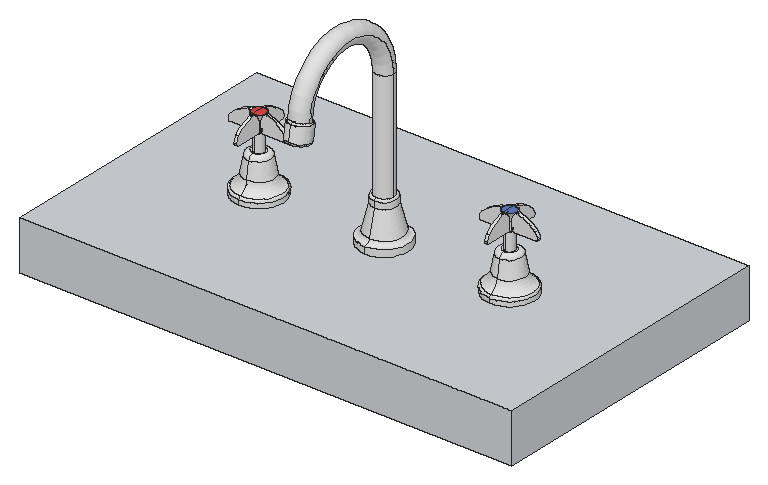
Revit family
Parameters (values of type "49910 (Jumper Valve)")
  WELSRating_ANZRS = "5 star"
  URL = "www.galvinengineering.com.au"
  Type Comments = "Vendal Resistant"
  StyleOrType_ANZRS = "Plumbing Fixture"
  Seating = "Jumper Valve"
  PlumbingMaterial_ANZRS = Metal_Taps_DR-Brass-with-Chrome-Finish_10800
  Outlet = "Fixed Gooseneck Spout with Aerator"
  ModifiedIssue_ANZRS = 20120629.01  # constant formula
  Model = "49910"
  Manufacturer = "Galvin Engineering"
  Keynote = "15400"
  Instructions = "http://www.galvinengineering.com.au/Installation_Guides_1.aspx"
  Inlet = "15mm BSP"
  FlowRate = 0.10 L/s
  FilterObject_ANZRS = "Vendal Resistant"
  DimWidth = 255 mm  # constant formula
  DimInletRadius = 7.5 mm  # constant formula
  DimHeight = 220 mm  # constant formula
  DimDepth = 110 mm  # constant formula
  Description = "Vandal Resistant DPW Basin Set - Jumper Valve"
  Default Elevation = 900 mm
  CreatedBy_ANZRS = "Galvin Engineering"  # constant formula
  CreatedByURL_ANZRS = "www.galvinengineering.com.au"
  CreatedByPhoneNo_ANZRS = "61-8-92495900"  # constant formula
  Assembly Code = "D2010"
Reference planes
  plane 1 "Back": y = 0
  plane 2 "Face": z = 0
  plane 3 "Center (Left/Right)": x = 0
  plane 4 "Left": x = -127.5
  plane 5 "Right": x = 127.5
  plane 6 "Top": z = 220
  plane 7 "Front": y = -110
  plane 8: z = 140
Forms (mm)
  Extrusion 1, solid
    sketch origin (0, -719.2, 0) x (1, 0, 0) y (0, 1, 0)
      loop
        line (-250, 869.2) -> (-250, 569.2) -> (250, 569.2) -> (250, 869.2) -> (-250, 869.2)
    from 0 to -50
  Revolve 2, solid, material "Metal_Taps_DR-Brass-with-Chrome-Finish_10800" <- "PlumbingMaterial_ANZRS"
    sketch origin (-127.5, 0, 0) x (0, 1, 0) y (0, 0, 1)
      loop
        line (0, 74.436) -> (-7.407, 74.436)
        arc (-7.407, 74.436) -> (-3.989, 70.707) -> (-2.75, 65.802) r 10.333
        line (-2.75, 65.802) -> (-2.75, 56.036) -> (-4.919, 56.036) -> (-4.919, 39) -> (-7.33, 39)
        arc (-7.33, 39) -> (-10.552, 37.823) -> (-12.258, 34.846) r 5
        line (-12.258, 34.846) -> (-15.129, 18.129)
        arc (-15.129, 18.129) -> (-17.907, 11.675) -> (-23.319, 7.195) r 15
        arc (-23.319, 7.195) -> (-24.545, 6.088) -> (-25, 4.5) r 3
        line (-25, 4.5) -> (-25, 0) -> (0, 0) -> (0, 74.436)
      axis (0, 0) -> (0, 74.436)
    angle from 0 to 360
  Extrusion 3, solid, material "Metal_Taps_DR-Brass-with-Chrome-Finish_10800" <- "PlumbingMaterial_ANZRS"
    sketch origin (-127.5, 0, 0) x (0, 1, 0) y (0, 0, 1)
      loop
        line (-27.98, 56.036) -> (28.02, 56.036)
        arc (28.02, 56.036) -> (29.11, 56.505) -> (29.518, 57.62) r 1.5
        arc (29.518, 57.62) -> (28.88, 61.161) -> (26.905, 64.169) r 9
        arc (26.905, 64.169) -> (19.204, 70.219) -> (10.263, 74.216) r 40
        arc (10.263, 74.216) -> (9.538, 74.381) -> (8.796, 74.436) r 5
        line (8.796, 74.436) -> (-8.62, 74.436)
        arc (-8.62, 74.436) -> (-9.363, 74.38) -> (-10.09, 74.215) r 5
        arc (-10.09, 74.215) -> (-19.14, 70.144) -> (-26.909, 63.971) r 40
        arc (-26.909, 63.971) -> (-28.831, 61.029) -> (-29.479, 57.576) r 9
        arc (-29.479, 57.576) -> (-29.054, 56.49) -> (-27.98, 56.036) r 1.5
    from -1.5 to 1.5
  Revolve 4, solid, material "Plastic_Taps_Red_10800"
    sketch origin (-127.5, 0, 0) x (0, 1, 0) y (0, 0, 1)
      loop
        line (0, 74.436) -> (0, 75.522)
        spline (0, 75.522) -> (-0.816, 75.513) -> (-1.618, 75.485) -> (-2.392, 75.44) -> (-3.125, 75.377) -> (-3.805, 75.298) -> (-4.419, 75.204) -> (-4.958, 75.097) -> (-5.413, 74.979) -> (-5.774, 74.852) -> (-6.037, 74.717) -> (-6.197, 74.578) -> (-6.25, 74.436)
        line (-6.25, 74.436) -> (0, 74.436)
      axis (0, 74.436) -> (0, 75.522)
    angle from 0 to 360
  Extrusion 5, solid, material "Metal_Taps_DR-Brass-with-Chrome-Finish_10800" <- "PlumbingMaterial_ANZRS"
    sketch origin (0, 0, 0) x (1, 0, 0) y (0, 0, 1)
      loop
        arc (-99.501, 56.036) -> (-98.426, 56.49) -> (-98.001, 57.576) r 1.5
        arc (-98.001, 57.576) -> (-98.65, 61.029) -> (-100.571, 63.971) r 9
        arc (-100.571, 63.971) -> (-108.341, 70.144) -> (-117.391, 74.215) r 40
        arc (-117.391, 74.215) -> (-118.117, 74.38) -> (-118.86, 74.436) r 5
        line (-118.86, 74.436) -> (-136.277, 74.436)
        arc (-136.277, 74.436) -> (-137.018, 74.381) -> (-137.743, 74.216) r 5
        arc (-137.743, 74.216) -> (-146.684, 70.219) -> (-154.385, 64.169) r 40
        arc (-154.385, 64.169) -> (-156.36, 61.161) -> (-156.999, 57.62) r 9
        arc (-156.999, 57.62) -> (-156.591, 56.505) -> (-155.501, 56.036) r 1.5
        line (-155.501, 56.036) -> (-99.501, 56.036)
    from -1.5 to 1.5
  Revolve 6, solid, material "Metal_Taps_DR-Brass-with-Chrome-Finish_10800" <- "PlumbingMaterial_ANZRS"
    sketch origin (127.5, 0, 0) x (0, 1, 0) y (0, 0, -1)
      loop
        line (0, -74.436) -> (0, 0) -> (-25, 0) -> (-25, -4.5)
        arc (-25, -4.5) -> (-24.545, -6.088) -> (-23.319, -7.195) r 3
        arc (-23.319, -7.195) -> (-17.907, -11.675) -> (-15.129, -18.129) r 15
        line (-15.129, -18.129) -> (-12.258, -34.846)
        arc (-12.258, -34.846) -> (-10.552, -37.823) -> (-7.33, -39) r 5
        line (-7.33, -39) -> (-4.919, -39) -> (-4.919, -56.036) -> (-2.75, -56.036) -> (-2.75, -65.802)
        arc (-2.75, -65.802) -> (-3.989, -70.707) -> (-7.407, -74.436) r 10.333
        line (-7.407, -74.436) -> (0, -74.436)
      axis (0, 0) -> (0, -74.436)
    angle from 0 to 360
  Extrusion 7, solid, material "Metal_Taps_DR-Brass-with-Chrome-Finish_10800" <- "PlumbingMaterial_ANZRS"
    sketch origin (127.5, 0, 0) x (0, 1, 0) y (0, 0, -1)
      loop
        arc (-27.98, -56.036) -> (-29.054, -56.49) -> (-29.479, -57.576) r 1.5
        arc (-29.479, -57.576) -> (-28.831, -61.029) -> (-26.909, -63.971) r 9
        arc (-26.909, -63.971) -> (-19.14, -70.144) -> (-10.09, -74.215) r 40
        arc (-10.09, -74.215) -> (-9.363, -74.38) -> (-8.62, -74.436) r 5
        line (-8.62, -74.436) -> (8.796, -74.436)
        arc (8.796, -74.436) -> (9.538, -74.381) -> (10.263, -74.216) r 5
        arc (10.263, -74.216) -> (19.204, -70.219) -> (26.905, -64.169) r 40
        arc (26.905, -64.169) -> (28.88, -61.161) -> (29.518, -57.62) r 9
        arc (29.518, -57.62) -> (29.11, -56.505) -> (28.02, -56.036) r 1.5
        line (28.02, -56.036) -> (-27.98, -56.036)
    from -1.5 to 1.5
  Revolve 8, solid, material "Plastic_Taps_Blue_10800"
    sketch origin (127.5, 0, 0) x (0, 1, 0) y (0, 0, -1)
      loop
        line (0, -74.436) -> (-6.25, -74.436)
        spline (-6.25, -74.436) -> (-6.197, -74.578) -> (-6.037, -74.717) -> (-5.774, -74.852) -> (-5.413, -74.979) -> (-4.958, -75.097) -> (-4.419, -75.204) -> (-3.805, -75.298) -> (-3.125, -75.377) -> (-2.392, -75.44) -> (-1.618, -75.485) -> (-0.816, -75.513) -> (0, -75.522)
        line (0, -75.522) -> (0, -74.436)
      axis (0, -74.436) -> (0, -75.522)
    angle from 0 to 360
  Extrusion 9, solid, material "Metal_Taps_DR-Brass-with-Chrome-Finish_10800" <- "PlumbingMaterial_ANZRS"
    sketch origin (0, 0, 0) x (-1, 0, 0) y (0, 0, -1)
      loop
        line (-99.501, -56.036) -> (-155.501, -56.036)
        arc (-155.501, -56.036) -> (-156.591, -56.505) -> (-156.999, -57.62) r 1.5
        arc (-156.999, -57.62) -> (-156.36, -61.161) -> (-154.385, -64.169) r 9
        arc (-154.385, -64.169) -> (-146.684, -70.219) -> (-137.743, -74.216) r 40
        arc (-137.743, -74.216) -> (-137.018, -74.381) -> (-136.277, -74.436) r 5
        line (-136.277, -74.436) -> (-118.86, -74.436)
        arc (-118.86, -74.436) -> (-118.117, -74.38) -> (-117.391, -74.215) r 5
        arc (-117.391, -74.215) -> (-108.341, -70.144) -> (-100.571, -63.971) r 40
        arc (-100.571, -63.971) -> (-98.65, -61.029) -> (-98.001, -57.576) r 9
        arc (-98.001, -57.576) -> (-98.426, -56.49) -> (-99.501, -56.036) r 1.5
    from -1.5 to 1.5
  Revolve 10, solid, material "Metal_Taps_DR-Brass-with-Chrome-Finish_10800" <- "PlumbingMaterial_ANZRS"
    sketch origin (0, 0, 0) x (0, 1, 0) y (0, 0, 1)
      loop
        line (0, 44.5) -> (-10, 44.5)
        arc (-10, 44.5) -> (-11.414, 43.914) -> (-12, 42.5) r 2
        line (-12, 42.5) -> (-12, 36.5) -> (-18.433, 11.031)
        arc (-18.433, 11.031) -> (-20.563, 7.766) -> (-24.25, 6.5) r 6
        line (-24.25, 6.5) -> (-24.25, 0) -> (0, 0) -> (0, 44.5)
      axis (0, 0) -> (0, 44.5)
    angle from 0 to 360
  Sweep 11, solid, material "Metal_Taps_DR-Brass-with-Chrome-Finish_10800" <- "PlumbingMaterial_ANZRS"
    path origin (0, 0, 0) x (0, 1, 0) y (0, 0, 1)
      loop
        arc (-107.048, 156.742) -> (-53.524, 210.266) -> (0, 156.742) r 53.524
        line (0, 156.742) -> (0, 44.5)
    profile origin (0, 0, 100.621) x (1, 0, 0) y (0, 1, 0)
      loop
        circle (0, 0) r 9.5
  Revolve 12, solid, material "Metal_Taps_DR-Brass-with-Chrome-Finish_10800" <- "PlumbingMaterial_ANZRS"
    sketch origin (0, 0, 0) x (0, 1, 0) y (0, 0, 1)
      loop
        line (-118.57, 158.773) -> (-121.262, 143.509)
        arc (-121.262, 143.509) -> (-121.013, 142.388) -> (-120.045, 141.771) r 1.5
        line (-120.045, 141.771) -> (-118.568, 141.511) -> (-115.616, 158.252) -> (-107.048, 156.742) -> (-106.527, 159.696) -> (-115.82, 161.335) -> (-117.388, 158.565) -> (-118.57, 158.773)
      axis (-106.527, 159.696) -> (-110, 140)
    angle from 0 to 360
Dimensions and locks
  "DimHeight": plane 2 "Face" to plane 6 "Top"
  "DimWidth": plane 4 "Left" to plane 5 "Right"
  "DimDepth": plane 1 "Back" to plane 7 "Front"
  locked: plane 2 "Face" to plane 8 at 140
  aligned and locked: plane 2 "Face" to Extrusion 1
  aligned and locked: level to Extrusion 1
Automatic sketch dimensions
  Extrusion 1 sketch curve to Extrusion 1 sketch curve = 500 mm
  Extrusion 1 sketch curve to Extrusion 1 sketch curve = 300 mm
  Revolve 2 sketch curve to level = 0 mm
  Revolve 2 sketch curve to plane 1 "Back" = 0 mm  (x2)
  plane 1 "Back" to Revolve 2 sketch curve = 2.75 mm
  plane 1 "Back" to Revolve 2 sketch curve = 4.919 mm
  Revolve 2 sketch curve to Revolve 2 sketch curve = 2.411 mm
  plane 1 "Back" to Revolve 2 sketch curve = 7.407 mm
  Revolve 2 sketch curve to Revolve 2 sketch curve = 4.928 mm
  Revolve 2 sketch curve to Revolve 2 sketch curve = 10.333 mm
  plane 1 "Back" to Revolve 2 sketch curve = 15.129 mm
  level to Revolve 2 sketch curve = 4.5 mm
  Revolve 2 sketch curve to Revolve 2 sketch curve = 6.871 mm
  Revolve 2 sketch curve to Revolve 2 sketch curve = 1.319 mm
  Revolve 2 sketch curve to Revolve 2 sketch curve = 0 mm
  Revolve 2 sketch curve to Revolve 2 sketch curve = 3 mm
  Revolve 2 sketch curve to Revolve 2 sketch curve = 14.784 mm
  Revolve 2 sketch curve to Revolve 2 sketch curve = 14.703 mm
  Revolve 2 sketch curve to Revolve 2 sketch curve = 15.871 mm
  Revolve 2 sketch curve to Revolve 2 sketch curve = 0.846 mm
  Revolve 2 sketch curve to Revolve 2 sketch curve = 17.036 mm
  Revolve 2 sketch curve to Revolve 2 sketch curve = 9.766 mm
  Revolve 2 sketch curve to Revolve 2 sketch curve = 8.161 mm
  plane 1 "Back" to Extrusion 3 sketch curve = 29.479 mm
  Extrusion 3 sketch curve to Extrusion 3 sketch curve = 1.499 mm
  Extrusion 3 sketch curve to Extrusion 3 sketch curve = 1.07 mm
  Extrusion 3 sketch curve to Extrusion 3 sketch curve = 0 mm  (x4)
  Extrusion 3 sketch curve to Extrusion 3 sketch curve = 7.5 mm  (x2)
  plane 1 "Back" to Extrusion 3 sketch curve = 10.09 mm
  Extrusion 3 sketch curve to Extrusion 3 sketch curve = 1.47 mm
  plane 1 "Back" to Extrusion 3 sketch curve = 1.47 mm
  Extrusion 3 sketch curve to plane 1 "Back" = 1.667 mm
  Extrusion 3 sketch curve to plane 1 "Back" = 8.796 mm
  Extrusion 3 sketch curve to Extrusion 3 sketch curve = 1.467 mm
  Extrusion 3 sketch curve to Extrusion 3 sketch curve = 11.724 mm
  Extrusion 3 sketch curve to Extrusion 3 sketch curve = 6.384 mm
  Extrusion 3 sketch curve to Extrusion 3 sketch curve = 1.498 mm
  level to Extrusion 3 sketch curve = 35.976 mm
  Extrusion 3 sketch curve to Extrusion 3 sketch curve = 0.006 mm
  Extrusion 3 sketch curve to Extrusion 3 sketch curve = 20.054 mm
  Extrusion 3 sketch curve to Extrusion 3 sketch curve = 1.5 mm
  Revolve 4 sketch curve to plane 1 "Back" = 0 mm  (x2)
  plane 1 "Back" to Revolve 4 sketch curve = 6.25 mm
  level to Revolve 4 sketch curve = 68.546 mm
  Revolve 4 sketch curve to Revolve 4 sketch curve = 5.89 mm
  Revolve 4 sketch curve to Revolve 4 sketch curve = 1.086 mm
  Revolve 4 sketch curve to Revolve 4 sketch curve = 6.727 mm
  Extrusion 5 sketch curve to plane 4 "Left" = 29.499 mm
  Extrusion 5 sketch curve to Extrusion 5 sketch curve = 1.498 mm
  Extrusion 5 sketch curve to Extrusion 5 sketch curve = 1.116 mm
  Extrusion 5 sketch curve to Extrusion 5 sketch curve = 0 mm  (x4)
  Extrusion 5 sketch curve to Extrusion 5 sketch curve = 7.5 mm  (x2)
  Extrusion 5 sketch curve to plane 4 "Left" = 10.243 mm
  Extrusion 5 sketch curve to Extrusion 5 sketch curve = 1.467 mm
  Extrusion 5 sketch curve to plane 4 "Left" = 1.647 mm
  plane 4 "Left" to Extrusion 5 sketch curve = 1.49 mm
  plane 4 "Left" to Extrusion 5 sketch curve = 8.64 mm
  Extrusion 5 sketch curve to Extrusion 5 sketch curve = 1.47 mm
  Extrusion 5 sketch curve to Extrusion 5 sketch curve = 11.859 mm
  Extrusion 5 sketch curve to Extrusion 5 sketch curve = 6.43 mm
  Extrusion 5 sketch curve to Extrusion 5 sketch curve = 1.499 mm
  level to Extrusion 5 sketch curve = 35.976 mm
  Extrusion 5 sketch curve to Extrusion 5 sketch curve = 0.006 mm
  Extrusion 5 sketch curve to Extrusion 5 sketch curve = 20.054 mm
  Extrusion 5 sketch curve to Extrusion 5 sketch curve = 1.5 mm
  Revolve 6 sketch curve to level = 0 mm
  Revolve 6 sketch curve to plane 1 "Back" = 0 mm  (x2)
  plane 1 "Back" to Revolve 6 sketch curve = 2.75 mm
  plane 1 "Back" to Revolve 6 sketch curve = 4.919 mm
  Revolve 6 sketch curve to Revolve 6 sketch curve = 2.411 mm
  plane 1 "Back" to Revolve 6 sketch curve = 7.407 mm
  Revolve 6 sketch curve to Revolve 6 sketch curve = 4.928 mm
  Revolve 6 sketch curve to Revolve 6 sketch curve = 10.333 mm
  plane 1 "Back" to Revolve 6 sketch curve = 15.129 mm
  level to Revolve 6 sketch curve = 4.5 mm
  Revolve 6 sketch curve to Revolve 6 sketch curve = 6.871 mm
  Revolve 6 sketch curve to Revolve 6 sketch curve = 1.319 mm
  Revolve 6 sketch curve to Revolve 6 sketch curve = 0 mm
  Revolve 6 sketch curve to Revolve 6 sketch curve = 3 mm
  Revolve 6 sketch curve to Revolve 6 sketch curve = 14.784 mm
  Revolve 6 sketch curve to Revolve 6 sketch curve = 15.871 mm
  Revolve 6 sketch curve to Revolve 6 sketch curve = 0.846 mm
  Revolve 6 sketch curve to Revolve 6 sketch curve = 17.036 mm
  Revolve 6 sketch curve to Revolve 6 sketch curve = 9.766 mm
  Revolve 6 sketch curve to Revolve 6 sketch curve = 8.161 mm
  Revolve 6 sketch curve to Revolve 6 sketch curve = 14.703 mm
  plane 1 "Back" to Extrusion 7 sketch curve = 29.479 mm
  Extrusion 7 sketch curve to Extrusion 7 sketch curve = 1.499 mm
  Extrusion 7 sketch curve to Extrusion 7 sketch curve = 1.07 mm
  Extrusion 7 sketch curve to Extrusion 7 sketch curve = 0 mm  (x4)
  Extrusion 7 sketch curve to Extrusion 7 sketch curve = 7.5 mm  (x2)
  plane 1 "Back" to Extrusion 7 sketch curve = 10.09 mm
  Extrusion 7 sketch curve to Extrusion 7 sketch curve = 1.47 mm
  plane 1 "Back" to Extrusion 7 sketch curve = 1.47 mm
  Extrusion 7 sketch curve to plane 1 "Back" = 1.667 mm
  Extrusion 7 sketch curve to plane 1 "Back" = 8.796 mm
  Extrusion 7 sketch curve to Extrusion 7 sketch curve = 1.467 mm
  Extrusion 7 sketch curve to Extrusion 7 sketch curve = 11.724 mm
  Extrusion 7 sketch curve to Extrusion 7 sketch curve = 6.384 mm
  Extrusion 7 sketch curve to Extrusion 7 sketch curve = 1.498 mm
  level to Extrusion 7 sketch curve = 74.436 mm
  Extrusion 7 sketch curve to Extrusion 7 sketch curve = 0.22 mm
  Extrusion 7 sketch curve to Extrusion 7 sketch curve = 0.221 mm
  Extrusion 7 sketch curve to Extrusion 7 sketch curve = 0.084 mm
  Revolve 8 sketch curve to plane 1 "Back" = 0 mm  (x2)
  plane 1 "Back" to Revolve 8 sketch curve = 6.25 mm
  level to Revolve 8 sketch curve = 82.25 mm
  Revolve 8 sketch curve to Revolve 8 sketch curve = 6.727 mm
  Revolve 8 sketch curve to Revolve 8 sketch curve = 1.086 mm
  Revolve 8 sketch curve to Revolve 8 sketch curve = 5.89 mm
  plane 5 "Right" to Extrusion 9 sketch curve = 29.499 mm
  Extrusion 9 sketch curve to Extrusion 9 sketch curve = 1.498 mm
  Extrusion 9 sketch curve to Extrusion 9 sketch curve = 1.116 mm
  Extrusion 9 sketch curve to Extrusion 9 sketch curve = 0 mm  (x4)
  Extrusion 9 sketch curve to Extrusion 9 sketch curve = 7.5 mm  (x2)
  plane 5 "Right" to Extrusion 9 sketch curve = 10.243 mm
  Extrusion 9 sketch curve to Extrusion 9 sketch curve = 1.467 mm
  plane 5 "Right" to Extrusion 9 sketch curve = 1.647 mm
  Extrusion 9 sketch curve to plane 5 "Right" = 1.49 mm
  Extrusion 9 sketch curve to plane 5 "Right" = 8.64 mm
  Extrusion 9 sketch curve to Extrusion 9 sketch curve = 1.47 mm
  Extrusion 9 sketch curve to Extrusion 9 sketch curve = 11.859 mm
  Extrusion 9 sketch curve to Extrusion 9 sketch curve = 6.43 mm
  Extrusion 9 sketch curve to Extrusion 9 sketch curve = 1.499 mm
  Extrusion 9 sketch curve to level = 35.976 mm
  Extrusion 9 sketch curve to Extrusion 9 sketch curve = 0.006 mm
  Extrusion 9 sketch curve to Extrusion 9 sketch curve = 20.054 mm
  Extrusion 9 sketch curve to Extrusion 9 sketch curve = 1.5 mm
  Sweep 11 sketch curve to plane 3 "Center (Left/Right)" = 0 mm
  profile plane to Sweep 11 sketch curve = 0 mm
  Revolve 10 sketch curve to level = 0 mm
  Revolve 10 sketch curve to plane 1 "Back" = 0 mm  (x2)
  Revolve 10 sketch curve to Revolve 10 sketch curve = 10 mm
  Revolve 10 sketch curve to Revolve 10 sketch curve = 2 mm
  plane 1 "Back" to Revolve 10 sketch curve = 18.433 mm
  Revolve 10 sketch curve to Revolve 10 sketch curve = 5.817 mm
  Revolve 10 sketch curve to Revolve 10 sketch curve = 6.5 mm
  Revolve 10 sketch curve to Revolve 10 sketch curve = 4.531 mm
  Revolve 10 sketch curve to Revolve 10 sketch curve = 14.703 mm
  Revolve 10 sketch curve to Revolve 10 sketch curve = 21.797 mm
  Revolve 10 sketch curve to Revolve 10 sketch curve = 6 mm
  Revolve 10 sketch curve to Revolve 10 sketch curve = 18.648 mm
  Sweep 11 sketch curve to plane 1 "Back" = 0 mm
  Sweep 11 sketch curve to plane 8 = 16.742 mm
  plane 1 "Back" to Sweep 11 sketch curve = 53.524 mm
  level to Sweep 11 sketch curve = 44.5 mm
  Revolve 12 sketch curve to plane 8 = 3.509 mm
  plane 7 "Front" to Revolve 12 sketch curve = 11.262 mm
  Revolve 12 sketch curve to plane 8 = 1.771 mm
  Revolve 12 sketch curve to Revolve 12 sketch curve = 1.217 mm
  Revolve 12 sketch curve to Revolve 12 sketch curve = 0.26 mm
  plane 7 "Front" to Revolve 12 sketch curve = 8.57 mm
  Revolve 12 sketch curve to plane 8 = 1.511 mm
  Revolve 12 sketch curve to Revolve 12 sketch curve = 1.477 mm
  Revolve 12 sketch curve to Revolve 12 sketch curve = 1.182 mm
  Revolve 12 sketch curve to Revolve 12 sketch curve = 1.569 mm
  Revolve 12 sketch curve to Revolve 12 sketch curve = 1.773 mm
  plane 7 "Front" to Revolve 12 sketch curve = 0.629 mm
  Revolve 12 sketch curve to plane 7 "Front" = 1.975 mm
  Revolve 12 sketch curve to plane 7 "Front" = 2.952 mm
  Revolve 12 sketch curve to Revolve 12 sketch curve = 0.521 mm
  plane 8 to Revolve 12 sketch curve = 3.57 mm
  Revolve 12 sketch curve to Revolve 12 sketch curve = 5.54 mm
  Revolve 12 sketch curve to Revolve 12 sketch curve = 0.313 mm
  radius of Sweep 11 sketch curve = 9.5 mm
Connectors
  piping at (0, 0, 0), driven by "FlowRate", driven by "DimInletRadius"
    settings: on Revolve 10, index 1, connector radius 0.29528", flow factor 0, pipe flow 0.10 L/s, pressure drop 0.00 psi, fitting loss kfactor 0, connector angle 0.00°, fixture units 0, flow configuration 1, flow direction 1, fitting loss method 4, system type 20, connector reference index -1, connector utility 0, adjustable connector no, is connector primary yes, fitting loss table "", connector description "Inlet"
